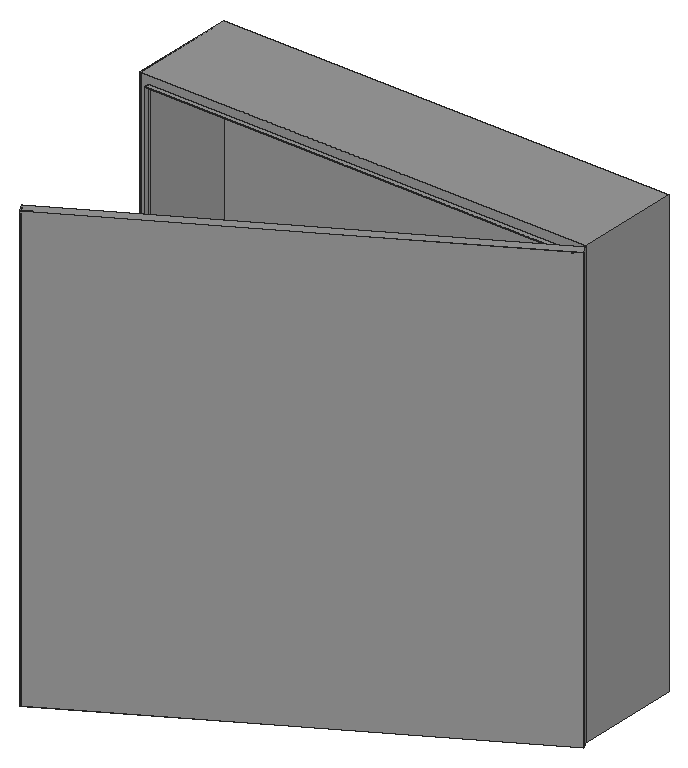
Revit family "Hager-Univers-IP44-D205-H800-Cl.I-Encl-NoHosted-SE-en", category Equipement électrique, Revit 2020
Family settings
  Configuration du panneau = Deux colonnes, circuits au sein
  Cote de connecteur circulaire = Utiliser le diamètre
  Type d'élément = Tableau de raccordement
  Basée sur le plan de construction = Oui
  Toujours verticalement = Oui
  Couper avec des vides une fois chargée = Non
  Partagée = Non
  Point de calcul de pièce = Non
Parameters (values of type "Surface mounted (plaster) IP44 W800 H800 D205  - FP53TN2")
  Width Control [instance] = if([EF000008 - Width] > Min Width, [EF000008 - Width], Min Width)  # 800 mm
  Commentaires du type = [HG000003 - Range]  # "Univers"
  Thickness Door [instance] = if([EF009171 - Material plate thickness door/cover] > 3 mm, 3 mm, [EF009171 - Material plate thickness door/cover])  # 1 mm
  Seal Frame Offset [instance] = 17 mm  # constant formula
  Plinth Visibility [instance] = [HG000027 - Plinth height] > 0 mm  # no
  Min Width [instance] = 100 mm  # constant formula
  Min Depth [instance] = (2 * [EF009170 - Material plate thickness cabinet]) + 1 mm  # 3 mm
  Min Height [instance] = 100 mm  # constant formula
  Internal Frame Depth [instance] = (Door System Depth * 0.5)  # 9 mm
  Panel Name [instance] = ""  # (empty or 0)
  Model = ""
  HG000027 - Plinth height = 0 mm
  HG000026 - Floor standing = no
  HG000024 - Bottom section height = 600 mm
  HG000023 - Double section enclosure = no
  HG000016 - Door 3d visibility [instance] = yes
  HG000015 - Clearance visibility [instance] = no
  HG000014 - Door on the right [instance] = yes
  HG000013 - Door on the left [instance] = not([HG000014 - Door on the right])  # no
  HG000012 - Door swing angle [instance] = 30.00°
  HG000010 - Asymmetric doors = no
  HG000009 - Double swing door = no
  HG000006 - Flush mounted = no
  HG000004 - Manufacturer reference = "FP53TN2"
  HG000003 - Range = "Univers"
  HG000002 - With door or cover = yes
  Frame Offset Bottom [instance] = 10 mm  # constant formula
  Frame Offset [instance] = 15 mm  # constant formula
  EF015940 - Cover with overpressure release = no
  EF011959 - Degree of protection (NEMA) = ""
  EF009554 - Number of openings for flange plates = 6
  EF009212 - Cover model = "EV000116 - Closed"
  EF009171 - Material plate thickness door/cover = 1 mm
  EF009170 - Material plate thickness cabinet = 1 mm
  EF008873 - Nominal current (In) = 250 A
  EF007800 - Suitable for lightning protection = no
  EF006306 - With lock = no
  EF006244 - Transparent cover/door = no
  EF005474 - Degree of protection (IP) = "EV006418 - IP44"
  EF004464 - Type of door = "EV002646 - Single"
  EF004427 - Number of modules = 180
  EF004293 - Impact strength = "EV006815 - IK09"
  EF003532 - Suitable for outdoor use = no
  EF002950 - Width in number of modular spacings = 36
  EF001613 - Circuit integrity = "EV000494 - None"
  EF001596 - Material housing = "EV000179 - Steel"
  EF001131 - Internal depth = 205 mm
  EF001088 - Extension possible = yes
  EF000437 - Number of conduit inlets = 6
  EF000339 - Type of cover = "EV001012 - Cover"
  EF000266 - Number of rows = 5
  EF000218 - Built-in depth = 205 mm
  EF000118 - With mounting plate = no
  EF000116 - RAL-number = "9010"
  EF000049 - Depth = 205 mm
  EF000040 - Height = 800 mm
  EF000008 - Width = 800 mm
  EF000007 - Colour = "EV000202 - White"
  EF000003 - Mounting method = "EV000384 - Surface mounted (plaster)"
  Door System Leaf Tolerance [instance] = 1.5 mm  # constant formula
  Door System Depth [instance] = 18 mm  # constant formula
  Door Height [instance] = Height Control - [HG000027 - Plinth height]  # 800 mm
  Description = ""
  Default Elevation = 1219.2 mm
  Connector Offset [instance] = Height Control / 2  # 400 mm
  Fabricant = "Hager"  # constant formula
  Height Control [instance] = if([EF000040 - Height] > Min Height, [EF000040 - Height], Min Height)  # 800 mm
  Depth Control [instance] = if([EF000049 - Depth] > Min Depth, [EF000049 - Depth], Min Depth)  # 205 mm
  Bottom Top Plate Trim [instance] = 1.5 mm  # constant formula
  Plinth height Ctrl [instance] = if([HG000027 - Plinth height] > 0 mm, [HG000027 - Plinth height], 12 mm)  # 12 mm
Types (5, lengths in mm): name | Width Control | HG000010 - Asymmetric doors | HG000009 - Double swing door | HG000004 - Manufacturer reference | EF009554 - Number of openings for flange plates | EF004464 - Type of door | EF004427 - Number of modules | EF002950 - Width in number of modular spacings | EF000437 - Number of conduit inlets | EF000008 - Width
  Surface mounted (plaster) IP44 W1050 H800 D205  - FP54TN2 | 1050 | no | yes | "FP54TN2" | 8 | "EV003602 - Double" | 240 | 48 | 8 | 1050
  Surface mounted (plaster) IP44 W1300 H800 D205  - FP55TN2 | 1300 | yes | yes | "FP55TN2" | 10 | "EV003602 - Double" | 300 | 60 | 10 | 1300
  Surface mounted (plaster) IP44 W300 H800 D205  - FP51TN2 | 300 | no | no | "FP51TN2" | 2 | "EV002646 - Single" | 60 | 12 | 2 | 300
  Surface mounted (plaster) IP44 W550 H800 D205  - FP52TN2 | 550 | no | no | "FP52TN2" | 4 | "EV002646 - Single" | 120 | 24 | 4 | 550
  Surface mounted (plaster) IP44 W800 H800 D205  - FP53TN2 | 800 | no | no | "FP53TN2" | 6 | "EV002646 - Single" | 180 | 36 | 6 | 800
Reference planes
  plane 1 "Center (Front/Back)": y = 0
  plane 2: z = 0
  plane 3 "Center (Left/Right)": x = 0
  plane 4: y = 0
  plane 5: y = 0
  plane 6: z = 0
  plane 7: x = -400
  plane 8: x = 400
  plane 9: x = 399
  plane 10: x = -399
  plane 11: z = 0
  plane 12: z = 1
  plane 13: y = -205
  plane 14: y = -1
  plane 15: x = 0
  plane 16: y = -187
  plane 17: y = -204
  plane 18: y = -186
  plane 19: x = -384
  plane 20: x = 384
  plane 21: z = 11
  plane 22: x = -383
  plane 23: x = 383
  plane 24: z = 0
  plane 25: z = 800
  plane 26: z = 800
  plane 27: z = 784
  plane 28: z = 799
Forms (mm)
  Extrusion 1, solid, material "Hager_Steel_RAL7035_Light_Grey", detail levels medium+fine
    sketch origin (-208.679, -4572, 0) x (-1, 0, 0) y (0, -1, 0)
      loop
        line (191.321, -4385) -> (-608.679, -4385) -> (-608.679, -4572) -> (191.321, -4572) -> (191.321, -4385)
    from 0 to 800
  Extrusion 2, void
    sketch origin (-350.771, -205, 1219.2) x (1, 0, 0) y (0, 0, 1)
      loop
        line (-48.229, -420.2) -> (-48.229, -1218.2) -> (749.771, -1218.2) -> (749.771, -420.2) -> (-48.229, -420.2)
    from -19 to -204
  Extrusion 3, void
    sketch origin (-290.084, -187, 1219.2) x (1, 0, 0) y (0, 0, 1)
      loop
        line (-93.916, -1208.2) -> (674.084, -1208.2) -> (674.084, -435.2) -> (-93.916, -435.2) -> (-93.916, -1208.2)
    from 0 to -1
  Extrusion 4, solid, material "Hager_Steel_RAL7035_Light_Grey", visible <- "Plinth Visibility", detail levels medium+fine
    sketch origin (0, 0, 0) x (1, 0, 0) y (0, 1, 0)
      loop
        line (-400, 0) -> (-400, -187) -> (400, -187) -> (400, 0) -> (-400, 0)
    from 0 to 12 <- "Plinth height Ctrl"
  Extrusion 5, solid, material "Hager_Steel_RAL7035_Light_Grey", detail levels coarse
    sketch origin (0, 0, 0) x (1, 0, 0) y (0, 1, 0)
      loop
        line (-400, 0) -> (-400, -205) -> (400, -205) -> (400, 0) -> (-400, 0)
    from 0 to 800 <- "Height Control"
  Sweep 6, void
    path in 3D
      loop
        line (-400, -187, 12) -> (400, -187, 12) -> (400, 0, 12) -> (-400, 0, 12) -> (-400, -187, 12)
    profile origin (-400, -93.5, 12) x (1, 0, 0) y (0, 0, 1)
      loop
        line (0, 0) -> (0, -1.5) -> (1.5, -1.5)
        arc (1.5, -1.5) -> (1.061, -0.439) -> (0, 0) r 1.5
  Extrusion 7, solid, material "Hager_Steel_RAL7035_Light_Grey", detail levels fine
    sketch origin (-400, -187, 0) x (1, 0, 0) y (0, 0, 1)
      loop
        line (16, 11) -> (784, 11) -> (784, 784) -> (16, 784) -> (16, 11)
      loop
        line (15, 10) -> (785, 10) -> (785, 785) -> (15, 785) -> (15, 10)
    from 0 to 9 <- "Internal Frame Depth"
Cuts and joins
  Extrusion 2, Extrusion 3 cuts Extrusion 1
  Sweep 6 cuts Extrusion 4
Lines and regions (mm)
  Masking region 1
    outline origin (0, 0, 0) x (1, 0, 0) y (0, 1, 0)
      loop
        line (-400, 0) -> (-400, -205) -> (400, -205) -> (400, 0) -> (-400, 0)
  Masking region 2, detail levels coarse
    outline origin (-290.084, -187, 1219.2) x (-1, 0, 0) y (0, 0, 1)
      loop
        line (-690.084, -1219.2) -> (109.916, -1219.2) -> (109.916, -419.2) -> (-690.084, -419.2) -> (-690.084, -1219.2)
  Masking region 3, detail levels coarse
    outline origin (0, 0, 0) x (0, 1, 0) y (0, 0, 1)
      loop
        line (0, 0) -> (0, 800) -> (-205, 800) -> (-205, 0) -> (0, 0)
  Masking region 4, visible <- "Plinth Visibility", detail levels medium+fine
    outline origin (0, 0, 0) x (0, 1, 0) y (0, 0, 1)
      loop
        line (-1.5, 12) -> (-185.5, 12)
        arc (-185.5, 12) -> (-185.939, 10.939) -> (-187, 10.5) r 1.5
        line (-187, 10.5) -> (-187, 0) -> (0, 0) -> (0, 10.5)
        arc (0, 10.5) -> (-1.061, 10.939) -> (-1.5, 12) r 1.5
  Masking region 5, detail levels medium+fine
    outline origin (0, 0, 594.038) x (0, 1, 0) y (0, 0, 1)
      loop
        line (0, -594.038) -> (0, 205.962) -> (-187, 205.962) -> (-187, -594.038) -> (0, -594.038)
  Masking region 6, detail levels medium+fine
    outline origin (-359.7, -187, 1211.883) x (-1, 0, 0) y (0, 0, 1)
      loop
        line (-759.7, -1211.883) -> (40.3, -1211.883) -> (40.3, -411.883) -> (-759.7, -411.883) -> (-759.7, -1211.883)
  Masking region 7, visible <- "Plinth Visibility", detail levels medium+fine
    outline origin (-320.334, -187, 1041.368) x (-1, 0, 0) y (0, 0, 1)
      loop
        line (-720.334, -1041.368) -> (79.666, -1041.368) -> (79.666, -1030.868)
        arc (79.666, -1030.868) -> (78.606, -1030.429) -> (78.166, -1029.368) r 1.5
        line (78.166, -1029.368) -> (-718.834, -1029.368)
        arc (-718.834, -1029.368) -> (-719.273, -1030.429) -> (-720.334, -1030.868) r 1.5
        line (-720.334, -1030.868) -> (-720.334, -1041.368)
  sketch lines
    curve 1: line (-400, 0, 12) -> (-400, -187, 12)
    curve 2: line (-400, -187, 12) -> (400, -187, 12)
    curve 3: line (400, 0, 12) -> (-400, 0, 12)
    curve 4: line (400, -187, 12) -> (400, 0, 12)
Dimensions and locks
  locked: plane 1 "Center (Front/Back)" to plane 5
  "EF009170 - Material plate thickness cabinet": plane 7 to plane 10
  "EF009170 - Material plate thickness cabinet": plane 8 to plane 9
  equal spacing: plane 7, plane 3 "Center (Left/Right)", plane 8
  "Width Control": plane 7 to plane 8
  "Depth Control": plane 4 to plane 13
  "EF009170 - Material plate thickness cabinet": plane 4 to plane 14
  "Height Control": plane 25 to level
  "HG000027 - Plinth height": plane 11 to level
  "EF009170 - Material plate thickness cabinet": plane 12 to plane 11
  "EF009170 - Material plate thickness cabinet": plane 17 to plane 13
  "EF009170 - Material plate thickness cabinet": plane 18 to plane 16
  "Frame Offset Bottom": plane 21 to plane 12
  "Frame Offset": plane 10 to plane 19
  "Frame Offset": plane 9 to plane 20
  "Door System Depth": plane 16 to plane 13
  "Seal Frame Offset": plane 7 to plane 22
  "Seal Frame Offset": plane 8 to plane 23
  "EF009170 - Material plate thickness cabinet": plane 26 to plane 28
  "Frame Offset": plane 28 to plane 27
  "Connector Offset": plane 2 to connector elem
  "Bottom Top Plate Trim": profile plane to Sweep 6 sketch curve
  "Bottom Top Plate Trim": Sweep 6 sketch curve to Sweep 6 sketch curve
  "Plinth height Ctrl": Masking region 4 sketch curve to level
  "Plinth height Ctrl": Masking region 7 sketch curve to level
  "Thickness Door": Extrusion 7 sketch curve to Extrusion 7 sketch curve  (x4)
  "Bottom Top Plate Trim": radius of Sweep 6 sketch curve
  "Bottom Top Plate Trim": radius of Masking region 4 sketch curve  (x2)
  "Bottom Top Plate Trim": radius of Masking region 7 sketch curve  (x2)
  aligned and locked: Extrusion 2 sketch curve to plane 12
  aligned and locked: Extrusion 2 sketch curve to plane 9
  aligned and locked: Extrusion 2 sketch curve to plane 10
  aligned and locked: Extrusion 2 to plane 14
  aligned and locked: Extrusion 1 sketch curve to plane 4
  aligned and locked: plane 8 to Extrusion 1 sketch curve
  aligned and locked: plane 7 to Extrusion 1 sketch curve
  aligned and locked: Extrusion 2 to plane 18
  aligned and locked: Extrusion 3 sketch curve to plane 19
  aligned and locked: plane 20 to Extrusion 3 sketch curve
  aligned and locked: Extrusion 3 to Extrusion 2
  aligned and locked: Extrusion 3 sketch curve to plane 21
  aligned and locked: plane 3 "Center (Left/Right)" to nested 1
  aligned and locked: Extrusion 1 sketch curve to plane 16
  aligned and locked: Extrusion 4 sketch curve to cut or joined group of Extrusion 1, Extrusion 2, Extrusion 3
  aligned and locked: Masking region 1 sketch curve to plane 7
  aligned and locked: Masking region 1 sketch curve to plane 5
  aligned and locked: Masking region 1 sketch curve to plane 8
  aligned and locked: Masking region 2 sketch curve to level
  aligned and locked: level to Masking region 3 sketch curve
  aligned and locked: plane 1 "Center (Front/Back)" to Masking region 3 sketch curve
  aligned and locked: plane 13 to Masking region 3 sketch curve
  aligned and locked: plane 5 to Masking region 4 sketch curve
  aligned and locked: Masking region 2 sketch curve to plane 8
  aligned and locked: Masking region 2 sketch curve to plane 7
  aligned and locked: plane 7 to nested 2
  aligned and locked: nested 2 to plane 5
  aligned and locked: plane 5 to Masking region 5 sketch curve
  aligned and locked: plane 26 to Masking region 5 sketch curve
  aligned and locked: Extrusion 5 sketch curve to plane 8
  aligned and locked: Extrusion 5 sketch curve to plane 7
  aligned and locked: Extrusion 5 sketch curve to plane 5
  aligned and locked: Extrusion 3 sketch curve to plane 27
  aligned and locked: Extrusion 2 sketch curve to plane 28
  aligned and locked: Masking region 2 to plane 25
  aligned and locked: Extrusion 4 to plane 16
  aligned and locked: profile plane to Sweep 6 sketch curve
  aligned and locked: Masking region 5 sketch curve to plane 24
  aligned and locked: level to Masking region 4 sketch curve
  aligned and locked: Masking region 1 to plane 13
  aligned and locked: nested 1 to plane 16
  aligned and locked: Masking region 3 to plane 25
  aligned and locked: plane 16 to Masking region 4 sketch curve
  aligned and locked: Masking region 5 sketch curve to plane 16
  aligned and locked: plane 24 to plane 11
  aligned and locked: plane 26 to plane 25
  aligned and locked: plane 26 to cut or joined group of Extrusion 1, Extrusion 2, Extrusion 3
  aligned and locked: nested 1 to plane 24
  aligned and locked: Extrusion 1 to Extrusion 3
  aligned and locked: Masking region 6 sketch curve to plane 8
  aligned and locked: Masking region 6 sketch curve to plane 24
  aligned and locked: Masking region 6 sketch curve to plane 7
  aligned and locked: Masking region 6 sketch curve to plane 26
  aligned and locked: Masking region 7 sketch curve to plane 7
  aligned and locked: level to Masking region 7 sketch curve
  aligned and locked: Masking region 7 sketch curve to plane 8
  aligned and locked: Extrusion 7 sketch curve to cut or joined group of Extrusion 1, Extrusion 2, Extrusion 3  (x4)
Automatic sketch dimensions
  plane 19 to Extrusion 3 sketch curve = 0 mm
  Extrusion 3 sketch curve to plane 20 = 0 mm
  Extrusion 3 sketch curve to plane 21 = 0 mm
  Extrusion 4 sketch curve to plane 7 = 0 mm
  Extrusion 4 sketch curve to plane 8 = 0 mm
  Extrusion 4 sketch curve to plane 16 = 0 mm
  Masking region 1 sketch curve to plane 13 = 0 mm
  Masking region 2 sketch curve to plane 25 = 0 mm
  Masking region 3 sketch curve to plane 25 = 0 mm
  Extrusion 5 sketch curve to plane 13 = 0 mm
  profile plane to Sweep 6 sketch curve = 0 mm
Nested families
  nested 1: "EC000058_Univers_Door" at (0, -187, 0), Double <- "HG000009 - Double swing door", Transparent <- "EF006244 - Transparent cover/door", Angle <- "HG000012 - Door swing angle", Door_Right <- "HG000014 - Door on the right", Assymetrical <- "HG000010 - Asymmetric doors", Door <- "HG000002 - With door or cover", Width_Ctrl <- "Width Control", 3d_Door <- "HG000016 - Door 3d visibility", Clearance <- "HG000015 - Clearance visibility", Door_Left <- "HG000013 - Door on the left", Width <- "Width Control", Door_Depth <- "Door System Depth", Leaf_Tolerance <- "Door System Leaf Tolerance", Height <- "Door Height", Lock_Visibility <- "EF006306 - With lock", Thickness <- "Thickness Door", type "EC000058_Univers_Door", detail levels medium+fine
    with min_wh 3 mm, Width_Ctrl 800 mm, Width 800 mm, Transparent no, Thickness 1 mm, Seal_Material Hager_Rubber, Lock_Visibility no, Lock_Material Hager_Plastic_RAL9005_Jet_Black, Leaf_Width 800 mm, Leaf_Tolerance_External_Sides 0 mm, Leaf_Tolerance 1.5 mm, Leaf_Offset 0 mm, Leaf_Height 797 mm, Leaf_2_Width 800 mm, Leaf_2_Offset 400 mm, Leaf_1_Width 800 mm, Leaf_1_Offset 400 mm, Height_Ctrl 800 mm, Height 800 mm, Glass_Material Hager_Glass, Double_Clearance_Ctrl no, Double no, Door_Right_Ctrl yes, Door_Right yes, Door_Material Hager_Steel_RAL7035_Light_Grey, Door_Left_Ctrl no, Door_Left no, Door_Depth 18 mm, Door yes, Clearance_Material Hager_Clearance, Clearance_Depth 800 mm, Clearance_Ctrl no, Clearance no, Assymetrical no, Angle 30.00°, 3d_Door yes
  nested 2: "Hager_Enclosure_Symbol" at (-400, 0, 0), Height <- "Depth Control", Width <- "Width Control", type "Hager_Enclosure_Symbol"
    with Width_Ctrl 800 mm, Width 800 mm, Height_Ctrl 205 mm, Height 205 mm, A_Width_Int 13.453 mm, A_Width 161.438 mm, A_Height_Ctrl 179.375 mm, A_Height 179.375 mm
Connectors
  electrical at (0, 0, 400)
    settings: on plane 1 "Center (Front/Back)", index 1, voltage 0 V, apparent load 0 VA, apparent load phase1 0 VA, apparent load phase2 0 VA, apparent load phase3 0 VA, power factor 1, load classification "Other", number of poles 1, system type 30, power factor state 1, is connector primary yes, connector utility no, sub classification motor no, connector description ""
Definition of nested family "EC000058_Univers_Door"
  Parameters (values of type "EC000058_Univers_Door")
    min_wh [instance] = (2 * Thickness) + 1 mm  # 11 mm
    Width_Ctrl [instance] = 400 mm
    Width [instance] = 500 mm
    Transparent [instance] = yes
    Thickness [instance] = 5 mm
    Seal_Material [instance] = none
    Lock_Visibility [instance] = yes
    Lock_Material [instance] = none
    Leaf_Width [instance] = if((Width_Ctrl - 2 * Leaf_Tolerance_External_Sides) > 0 mm, (Width_Ctrl - 2 * Leaf_Tolerance_External_Sides), min_wh)  # 400 mm
    Leaf_Tolerance_External_Sides [instance] = 0 mm  # constant formula
    Leaf_Tolerance [instance] = 1.5 mm
    Leaf_Offset [instance] = 0 mm  # constant formula
    Leaf_Height [instance] = if((Height_Ctrl - 2 * Leaf_Tolerance) > 0 mm, (Height_Ctrl - 2 * Leaf_Tolerance), min_wh)  # 497 mm
    Leaf_2_Width [instance] = if(and(and(Double, Assymetrical), Door_Left), (Leaf_Width / 3) - (Leaf_Tolerance / 2), if(and(and(Double, Assymetrical), Door_Right), (Leaf_Width / 3) * 2 - (Leaf_Tolerance / 2), if(and(Double, not(Assymetrical)), (Leaf_Width / 2) - Leaf_Tolerance, Leaf_Width)))  # 400 mm
    Leaf_2_Offset [instance] = if(and(Double, Assymetrical), Leaf_2_Width / 2, if(and(Double, not(Assymetrical)), Leaf_Width / 4, Leaf_Width / 2))  # 200 mm
    Leaf_1_Width [instance] = if(and(and(Double, Assymetrical), Door_Right), (Leaf_Width / 3) - (Leaf_Tolerance / 2), if(and(and(Double, Assymetrical), Door_Left), (Width / 3) * 2 - (Leaf_Tolerance / 2), if(and(Double, not(Assymetrical)), (Leaf_Width / 2) - Leaf_Tolerance, Leaf_Width)))  # 400 mm
    Leaf_1_Offset [instance] = if(and(Double, Assymetrical), Leaf_1_Width / 2, if(and(Double, not(Assymetrical)), Leaf_Width / 4, Leaf_Width / 2))  # 200 mm
    Height_Ctrl [instance] = if(Height > min_wh, Height, min_wh)  # 500 mm
    Height [instance] = 500 mm
    Glass_Material [instance] = none
    Double_Clearance_Ctrl [instance] = and(Double, Clearance)  # no
    Double [instance] = no
    Door_Right_Ctrl [instance] = and(or(Door_Right, Double), Door)  # yes
    Door_Right [instance] = yes
    Door_Material [instance] = none
    Door_Left_Ctrl [instance] = and(or(Door_Left, Double), Door)  # no
    Door_Left [instance] = no
    Door_Depth [instance] = 30 mm
    Door [instance] = yes
    Default Elevation = 1219.2 mm
    Clearance_Material [instance] = none
    Clearance_Depth [instance] = if(Leaf_1_Width > Leaf_2_Width, Leaf_1_Width, Leaf_2_Width)  # 400 mm
    Clearance_Ctrl [instance] = and(not(Double), Clearance)  # yes
    Clearance [instance] = yes
    Assymetrical [instance] = yes
    Angle [instance] = 30.00°
    3d_Door [instance] = yes
  Reference planes
    plane 1 "Center (Front/Back)": y = 0
    plane 2 "Bottom": z = 0
    plane 3 "Center (Left/Right)": x = 0
    plane 4: z = 500
    plane 5: x = -200
    plane 6: x = 200
    plane 7: z = 500
    plane 8: x = -200
    plane 9: z = 0
    plane 10: x = 200
    plane 11: y = 0
    plane 12: z = 1.5
    plane 13: x = -600
    plane 14: y = -400
    plane 15: x = 600
    plane 16: x = 0
    plane 17: x = 0
    plane 18: x = -200
    plane 19: x = 200
    plane 20: z = 498.5
  Forms (mm)
    Extrusion 1, solid, material <- "Clearance_Material", visible <- "Double_Clearance_Ctrl"
      sketch origin (1200, 0, 0) x (1, 0, 0) y (0, 0, -1)
        loop
          line (-1800, -498.5) -> (-600, -498.5) -> (-600, 0) -> (-1800, 0) -> (-1800, -498.5)
      from 0 to -400
  Dimensions and locks
    equal spacing: plane 5, plane 3 "Center (Left/Right)", plane 6
    "Width_Ctrl": plane 5 to plane 6
    "Leaf_Offset": plane 5 to plane 8
    "Leaf_Offset": plane 6 to plane 10
    "Leaf_Offset": plane 9 to level
    "Leaf_Offset": plane 4 to plane 7
    "Height_Ctrl": plane 4 to level
    "Leaf_Tolerance": plane 12 to plane 9
    locked: plane 11 to plane 1 "Center (Front/Back)"
    "Leaf_1_Offset": plane 18 to plane 16
    "Leaf_2_Offset": plane 17 to plane 19
    "Leaf_1_Width": plane 13 to plane 8
    "Leaf_2_Width": plane 10 to plane 15
    "Clearance_Depth": plane 14 to plane 1 "Center (Front/Back)"
    "Leaf_Tolerance_External_Sides": plane 8 to plane 18
    "Leaf_Tolerance_External_Sides": plane 19 to plane 10
    "Leaf_Tolerance": plane 7 to plane 20
    aligned and locked: level to plane 2 "Bottom"
    aligned and locked: nested 1 to plane 16
    aligned and locked: nested 2 to plane 17
    aligned and locked: Extrusion 1 to plane 13
    aligned and locked: plane 15 to Extrusion 1
    aligned and locked: Extrusion 1 to plane 14
    aligned and locked: plane 12 to nested 1
    aligned and locked: nested 2 to plane 12
    aligned and locked: Extrusion 1 to plane 11
    aligned and locked: plane 20 to Extrusion 1
    aligned and locked: nested 2 to plane 11
    aligned and locked: nested 1 to plane 11
  Automatic sketch dimensions
    Extrusion 1 sketch curve to level = 0 mm
    plane 5 to Extrusion 1 sketch curve = 400 mm
    plane 6 to Extrusion 1 sketch curve = 400 mm
    Extrusion 1 sketch curve to plane 4 = 1.5 mm
  Nested families
    nested 1: "EC000058_Univers_Door_Leaf" at (0, 0, 1.5), Width <- "Leaf_1_Width", visible <- "Door_Left_Ctrl", Leaf_Height <- "Leaf_Height", Angle <- "Angle", 3d_Door <- "3d_Door", Transparent <- "Transparent", Clearance Material <- "Clearance_Material", Clearance <- "Clearance_Ctrl", Door_Material <- "Door_Material", Glass_Material <- "Glass_Material", Door_Depth <- "Door_Depth", Lock_Material <- "Lock_Material", Seal_Material <- "Seal_Material", Lock_Visibility <- "Lock_Visibility", Thickness <- "Thickness", type "EC000058_Univers_Door_Leaf"
      with Width 400 mm, Transparent_Glass_Offset 30 mm, Transparent_Ctrl yes, Transparent yes, Thickness 5 mm, Standard no, Seal_Material none, Seal_D2 8 mm, Seal_D1 1 mm, Offset_Internal_Frame 10 mm, Lock_Width 20 mm, Lock_Visibility_3d yes, Lock_Visibility yes, Lock_Thickness_3 3 mm, Lock_Thickness_2 1 mm, Lock_Thickness_1 3 mm, Lock_Radius_Offset_2 16 mm, Lock_Radius_Offset_1 15 mm, Lock_Radius_2 5 mm, Lock_Radius 6 mm, Lock_Offset 5 mm, Lock_Material none, Lock_Height 80 mm, Lock_Cover_Top_Offset_2d 17 mm, Lock_Cover_Height -65 mm, Leaf_Height 497 mm, Internal_Seal_Thickness 8 mm, Internal_Seal_Depth_2 4.5 mm, Internal_Frame_Depth 25 mm, Glass_Thickness -1 mm, Glass_Offset -2 mm, Glass_Material none, Door_Material none, Door_Depth 30 mm, Clearance Material none, Clearance yes, Angle_Ctrl 30.00°, Angle 30.00°, 3d_Door yes
    nested 2: "EC000058_Univers_Door_Leaf" at (0, 0, 1.5) x (-1, 0, 0) z (0, 0, 1), Width <- "Leaf_2_Width", visible <- "Door_Right_Ctrl", Leaf_Height <- "Leaf_Height", Angle <- "Angle", 3d_Door <- "3d_Door", Transparent <- "Transparent", Clearance Material <- "Clearance_Material", Clearance <- "Clearance_Ctrl", Door_Material <- "Door_Material", Glass_Material <- "Glass_Material", Door_Depth <- "Door_Depth", Lock_Material <- "Lock_Material", Seal_Material <- "Seal_Material", Lock_Visibility <- "Lock_Visibility", Thickness <- "Thickness", type "EC000058_Univers_Door_Leaf"
      with Width 400 mm, Transparent_Glass_Offset 30 mm, Transparent_Ctrl yes, Transparent yes, Thickness 5 mm, Standard no, Seal_Material none, Seal_D2 8 mm, Seal_D1 1 mm, Offset_Internal_Frame 10 mm, Lock_Width 20 mm, Lock_Visibility_3d yes, Lock_Visibility yes, Lock_Thickness_3 3 mm, Lock_Thickness_2 1 mm, Lock_Thickness_1 3 mm, Lock_Radius_Offset_2 16 mm, Lock_Radius_Offset_1 15 mm, Lock_Radius_2 5 mm, Lock_Radius 6 mm, Lock_Offset 5 mm, Lock_Material none, Lock_Height 80 mm, Lock_Cover_Top_Offset_2d 17 mm, Lock_Cover_Height -65 mm, Leaf_Height 497 mm, Internal_Seal_Thickness 8 mm, Internal_Seal_Depth_2 4.5 mm, Internal_Frame_Depth 25 mm, Glass_Thickness -1 mm, Glass_Offset -2 mm, Glass_Material none, Door_Material none, Door_Depth 30 mm, Clearance Material none, Clearance yes, Angle_Ctrl 30.00°, Angle 30.00°, 3d_Door yes
  Definition of nested family "EC000058_Univers_Door_Leaf"
    Parameters (values of type "EC000058_Univers_Door_Leaf")
      Width [instance] = 2000 mm
      Transparent_Glass_Offset [instance] = 30 mm
      Transparent_Ctrl [instance] = and(Transparent, [3d_Door])  # yes
      Transparent [instance] = yes
      Thickness [instance] = 5 mm
      Standard [instance] = and(not(Transparent), [3d_Door])  # no
      Seal_Material [instance] = none
      Seal_D2 [instance] = 8 mm  # constant formula
      Seal_D1 [instance] = 1 mm  # constant formula
      Offset_Internal_Frame [instance] = 10 mm  # constant formula
      Lock_Width [instance] = 20 mm  # constant formula
      Lock_Visibility_3d [instance] = and(Lock_Visibility, [3d_Door])  # yes
      Lock_Visibility [instance] = yes
      Lock_Thickness_3 [instance] = 3 mm  # constant formula
      Lock_Thickness_2 [instance] = 1 mm  # constant formula
      Lock_Thickness_1 [instance] = 3 mm  # constant formula
      Lock_Radius_Offset_2 [instance] = Lock_Radius_Offset_1 + 1 mm  # 16 mm
      Lock_Radius_Offset_1 [instance] = 15 mm  # constant formula
      Lock_Radius_2 [instance] = Lock_Radius - 1 mm  # 5 mm
      Lock_Radius [instance] = 6 mm  # constant formula
      Lock_Offset [instance] = 5 mm  # constant formula
      Lock_Material [instance] = none
      Lock_Height [instance] = 80 mm  # constant formula
      Lock_Cover_Top_Offset_2d [instance] = Lock_Radius_Offset_2 + 1 mm  # 17 mm
      Lock_Cover_Height [instance] = -(Lock_Height - Lock_Radius_Offset_1)  # -65 mm
      Leaf_Height [instance] = 2720.336 mm
      Internal_Seal_Thickness [instance] = 8 mm  # constant formula
      Internal_Seal_Depth_2 [instance] = 4.5 mm  # constant formula
      Internal_Frame_Depth [instance] = if(Door_Depth - Thickness > 5 mm, Door_Depth - Thickness, 5 mm)  # 25 mm
      Glass_Thickness [instance] = if(Thickness > 15 mm, Glass_Offset + 10 mm, -1 mm)  # -1 mm
      Glass_Offset [instance] = if(Thickness > 15 mm, -(Thickness + 10 mm) / 2, -2 mm)  # -2 mm
      Glass_Material [instance] = none
      Door_Material [instance] = none
      Door_Depth [instance] = 30 mm
      Default Elevation = 0 mm
      Clearance Material [instance] = none
      Clearance [instance] = yes
      Angle_Ctrl [instance] = if(Angle > 180.00°, 180.00°, Angle)  # 90.00°
      Angle [instance] = 90.00°
      3d_Door [instance] = yes
    Reference planes
      plane 1 "Center (Front/Back)": y = 0
      plane 2: z = 0
      plane 3 "Center (Left/Right)": x = 0
      plane 4: y = 2000
      plane 5: x = -1000
      plane 6: x = 1000
      plane 7: x = -3000
      plane 8: z = 2720.336
      plane 9: z = 30
      plane 10: z = 2690.336
      plane 11: x = 970
      plane 12: x = -970
      plane 13: y = -3
      plane 14: z = 107.833
      plane 15: y = -5
      plane 16: y = -223.314
      plane 17: x = -1000
      plane 18: z = 1360.168
      plane 19: y = 30
    Forms (mm)
      Extrusion 1, solid, material <- "Clearance Material", visible <- "Clearance"
        sketch origin (0, 0, 0) x (1, 0, 0) y (0, 0, 1)
          loop
            line (-3000, 2720.336) -> (-3000, 0) -> (1000, 0) -> (1000, 2720.336) -> (-3000, 2720.336)
        from 0 to -2000
      Extrusion 2, solid, material <- "Door_Material", visible <- "Standard", detail levels medium+fine
        sketch origin (-1000, 0, 0) x (0, 1, 0) y (-1, 0, 0)
          loop
            line (0, 30) -> (0, 25) -> (2000, 25) -> (2000, 30) -> (0, 30)
        from 0 to 2720.336 <- "Leaf_Height"
      Extrusion 3, solid, material <- "Door_Material", visible <- "Transparent_Ctrl", detail levels medium+fine
        sketch origin (-1000, 0, 0) x (0, 1, 0) y (-1, 0, 0)
          loop
            line (0, 25) -> (2000, 25) -> (2000, 30) -> (0, 30) -> (0, 25)
        from 0 to 2720.336 <- "Leaf_Height"
      Extrusion 4, void
        sketch origin (-1025, 2000, 0) x (0, 1, 0) y (0, 0, -1)
          loop
            line (-30, -2690.336) -> (-30, -30) -> (-1970, -30) -> (-1970, -2690.336) -> (-30, -2690.336)
        from 0 to 5 <- "Thickness"
      Sweep 5, solid, material <- "Seal_Material", visible <- "Transparent_Ctrl", detail levels fine
        path in 3D
          loop
            line (-1025, 30, 30) -> (-1025, 30, 2690.336) -> (-1025, 1970, 2690.336) -> (-1025, 1970, 30) -> (-1025, 30, 30)
        profile origin (-1025, 1000, 30) x (1, 0, 0) y (0, 0, 1)
          loop
            line (0, 0) -> (0, -8) -> (1, -8) -> (1, 0) -> (0, 0)
      Extrusion 6, solid, material <- "Glass_Material", visible <- "Transparent_Ctrl", detail levels medium+fine
        sketch origin (-1030, 0, 0) x (0, 1, 0) y (0, 0, -1)
          loop
            line (1970, -2690.336) -> (1970, -30) -> (30, -30) -> (30, -2690.336) -> (1970, -2690.336)
        from -2 <- "Glass_Offset" to -1 <- "Glass_Thickness"
      Extrusion 7, solid, material <- "Door_Material", visible <- "3d_Door", detail levels medium+fine
        sketch origin (-1025, 2000, 0) x (0, -1, 0) y (0, 0, -1)
          loop
            line (0, -2720.336) -> (2000, -2720.336) -> (2000, 0) -> (0, 0) -> (0, -2720.336)
          loop
            line (1995, -5) -> (5, -5) -> (5, -2715.336) -> (1995, -2715.336) -> (1995, -5)
        from 0 to 25 <- "Internal_Frame_Depth"
      Sweep 8, solid, material <- "Seal_Material", visible <- "Transparent_Ctrl", detail levels fine
        path in 3D
          loop
            line (-1025, 0, 0) -> (-1025, 2000, 0) -> (-1025, 2000, 2720.336) -> (-1025, 0, 2720.336) -> (-1025, 0, 0)
        profile origin (-1025, 0, 1360.168) x (1, 0, 0) y (0, 1, 0)
          loop
            line (0, 10) -> (2.975, 10)
            arc (2.975, 10) -> (4.053, 10.447) -> (4.5, 11.525) r 1.525
            line (4.5, 11.525) -> (4.5, 16.527)
            arc (4.5, 16.527) -> (4.069, 17.569) -> (3.027, 18) r 1.473
            line (3.027, 18) -> (0, 18) -> (0, 10)
      Extrusion 9, solid, material <- "Lock_Material", visible <- "Lock_Visibility_3d", detail levels fine
        sketch origin (-1030, 0, 0) x (0, 1, 0) y (0, 0, -1)
          loop
            arc (1993.5, -1400.168) -> (1994.561, -1399.729) -> (1995, -1398.668) r 1.5
            line (1995, -1398.668) -> (1995, -1320.168) -> (1975, -1320.168) -> (1975, -1398.668)
            arc (1975, -1398.668) -> (1975.439, -1399.729) -> (1976.5, -1400.168) r 1.5
            line (1976.5, -1400.168) -> (1993.5, -1400.168)
        from 3 <- "Lock_Thickness_1" to 0
      Blend 10, solid, material <- "Lock_Material", visible <- "Lock_Visibility_3d", detail levels fine
        base sketch origin (-1033, 0, 0) x (0, 1, 0) y (0, 0, -1)
          loop
            line (1975, -1320.168) -> (1975, -1398.668)
            arc (1975, -1398.668) -> (1975.439, -1399.729) -> (1976.5, -1400.168) r 1.5
            line (1976.5, -1400.168) -> (1993.5, -1400.168)
            arc (1993.5, -1400.168) -> (1994.561, -1399.729) -> (1995, -1398.668) r 1.5
            line (1995, -1398.668) -> (1995, -1320.168) -> (1975, -1320.168)
        top sketch origin (-1033, 0, 0) x (0, 1, 0) y (0, 0, -1)
          loop
            line (1976, -1320.168) -> (1976, -1398.668)
            arc (1976, -1398.668) -> (1976.146, -1399.022) -> (1976.5, -1399.168) r 0.5
            line (1976.5, -1399.168) -> (1993.5, -1399.168)
            arc (1993.5, -1399.168) -> (1993.854, -1399.022) -> (1994, -1398.668) r 0.5
            line (1994, -1398.668) -> (1994, -1320.168) -> (1976, -1320.168)
        from 0 to 1 <- "Lock_Thickness_2"
      Blend 11, solid, material <- "Lock_Material", visible <- "Lock_Visibility_3d", detail levels fine
        base sketch origin (-1034, 0, 0) x (0, 1, 0) y (0, 0, -1)
          loop
            line (1978, -1320.168) -> (1978, -1384.168)
            arc (1978, -1384.168) -> (1985, -1391.168) -> (1992, -1384.168) r 7
            line (1992, -1384.168) -> (1992, -1320.168) -> (1978, -1320.168)
        top sketch origin (-1034, 0, 0) x (0, 1, 0) y (0, 0, -1)
          loop
            line (1991, -1320.168) -> (1979, -1320.168) -> (1979, -1383.168)
            arc (1979, -1383.168) -> (1985, -1389.168) -> (1991, -1383.168) r 6
            line (1991, -1383.168) -> (1991, -1320.168)
        from 0 to 3 <- "Lock_Thickness_3"
      Extrusion 12, solid, material <- "Lock_Material", visible <- "Lock_Visibility_3d", detail levels fine
        sketch origin (-1030, 1975, 1320.168) x (1, 0, 0) y (0, -1, 0)
          loop
            line (-7, -19) -> (-7, -1) -> (0, -1) -> (0, 0) -> (-8, 0) -> (-8, -20) -> (0, -20) -> (0, -19) -> (-7, -19)
        from 0 to -65 <- "Lock_Cover_Height"
      Extrusion 13, void
        sketch origin (-1038, 1995, 1320.168) x (-1, 0, 0) y (0, 0, -1)
          loop
            line (-5, -65) -> (0, -65) -> (-5, -60) -> (-5, -65)
        from 0 to 20 <- "Lock_Width"
      Extrusion 14, void
        sketch origin (-1038, 1975, 1320.168) x (0, -1, 0) y (0, 0, -1)
          loop
            circle (-10, -15.995) r 6
          loop
            circle (-10, -15.995) r 5
        from 0 to 2
      Extrusion 15, solid, material <- "Lock_Material", visible <- "Lock_Visibility_3d", detail levels medium
        sketch origin (-1030, 0, 0) x (0, 1, 0) y (0, 0, -1)
          loop
            arc (1993.5, -1400.168) -> (1994.561, -1399.729) -> (1995, -1398.668) r 1.5
            line (1995, -1398.668) -> (1995, -1320.168) -> (1975, -1320.168) -> (1975, -1398.668)
            arc (1975, -1398.668) -> (1975.439, -1399.729) -> (1976.5, -1400.168) r 1.5
            line (1976.5, -1400.168) -> (1993.5, -1400.168)
        from 8 to 0
    Cuts and joins
      Extrusion 4 cuts Extrusion 3
      Extrusion 13, Extrusion 14 cuts Extrusion 9
      Extrusion 14 cuts Blend 11
      Extrusion 13, Extrusion 14 cuts Extrusion 12
      joined: Extrusion 9, Blend 10, Blend 11, Extrusion 12
      Extrusion 14 cuts Extrusion 15
    Lines and regions (mm)
      Masking region 1, visible <- "Lock_Visibility", detail levels fine
        outline origin (0, 0, 0) x (0, 1, 0) y (0, 0, 1)
          loop
            line (30, 1320.168) -> (33, 1320.168) -> (33, 1400.168) -> (30, 1400.168) -> (30, 1320.168)
      Masking region 2, visible <- "Lock_Visibility", detail levels fine
        outline origin (0, 3.143, 0) x (0, 1, 0) y (0, 0, 1)
          loop
            line (29.857, 1354.168) -> (30.857, 1354.168) -> (30.857, 1366.168) -> (29.857, 1366.168) -> (29.857, 1354.168)
      Masking region 3, detail levels medium+fine
        outline origin (0, 0, 0) x (0, 1, 0) y (0, 0, 1)
          loop
            line (0, 0) -> (30, 0) -> (30, 2720.336) -> (0, 2720.336) -> (0, 0)
      Masking region 4, detail levels medium+fine
        outline origin (0, 0, 0) x (1, 0, 0) y (0, 0, 1)
          loop
            line (-1000, 2720.336) -> (-1000, 0) -> (1000, 0) -> (1000, 2720.336) -> (-1000, 2720.336)
      Masking region 5, visible <- "Lock_Visibility", detail levels fine
        outline origin (-47.116, 0, 0) x (1, 0, 0) y (0, 0, 1)
          loop
            arc (1024.616, 1399.168) -> (1023.556, 1398.729) -> (1023.116, 1397.668) r 1.5
            line (1023.116, 1397.668) -> (1023.116, 1320.168) -> (1041.116, 1320.168) -> (1041.116, 1397.668)
            arc (1041.116, 1397.668) -> (1040.677, 1398.729) -> (1039.616, 1399.168) r 1.5
            line (1039.616, 1399.168) -> (1024.616, 1399.168)
      Masking region 6, visible <- "Lock_Visibility", detail levels medium+fine
        outline origin (-25, 0, 0) x (1, 0, 0) y (0, 0, 1)
          loop
            arc (1001.5, 1400.168) -> (1000.439, 1399.729) -> (1000, 1398.668) r 1.5
            line (1000, 1398.668) -> (1000, 1320.168) -> (1020, 1320.168) -> (1020, 1398.668)
            arc (1020, 1398.668) -> (1019.561, 1399.729) -> (1018.5, 1400.168) r 1.5
            line (1018.5, 1400.168) -> (1001.5, 1400.168)
      Masking region 7, visible <- "Lock_Visibility", detail levels fine
        outline origin (-73.735, 0, 0) x (1, 0, 0) y (0, 0, 1)
          loop
            line (1051.735, 1382.168) -> (1065.735, 1382.168) -> (1065.735, 1384.168)
            arc (1065.735, 1384.168) -> (1058.735, 1391.168) -> (1051.735, 1384.168) r 7
            line (1051.735, 1384.168) -> (1051.735, 1382.168)
      Masking region 8, visible <- "Lock_Visibility", detail levels fine
        outline origin (-73.735, 0, 0) x (1, 0, 0) y (0, 0, 1)
          loop
            line (1052.735, 1382.168) -> (1064.735, 1382.168) -> (1064.735, 1383.168)
            arc (1064.735, 1383.168) -> (1058.735, 1389.168) -> (1052.735, 1383.168) r 6
            line (1052.735, 1383.168) -> (1052.735, 1382.168)
      Masking region 9, visible <- "Lock_Visibility", detail levels fine
        outline origin (-25, 0, 0) x (1, 0, 0) y (0, 0, 1)
          loop
            line (1020, 1320.168) -> (1020, 1382.168) -> (1000, 1382.168) -> (1000, 1320.168) -> (1020, 1320.168)
      Masking region 10, detail levels medium+fine
        outline origin (0, 0, 0) x (1, 0, 0) y (0, 0, 1)
          loop
            circle (985, 1335.144) r 6
      Masking region 11, detail levels fine
        outline origin (0, 0, 0) x (1, 0, 0) y (0, 0, 1)
          loop
            circle (985, 1335.144) r 5
      Masking region 12, visible <- "Lock_Visibility", detail levels fine
        outline origin (0, 12.767, 0) x (0, 1, 0) y (0, 0, 1)
          loop
            line (20.233, 1320.168) -> (21.233, 1320.168) -> (21.233, 1399.168) -> (20.233, 1400.168) -> (20.233, 1320.168)
      Masking region 13, visible <- "Lock_Visibility", detail levels fine
        outline origin (0, 13.767, -10) x (0, 1, 0) y (0, 0, 1)
          loop
            line (20.233, 1330.168) -> (23.233, 1330.168) -> (23.233, 1399.168) -> (20.233, 1402.168) -> (20.233, 1330.168)
      Masking region 14, visible <- "Lock_Visibility", detail levels fine
        outline origin (0, 12.767, -10) x (0, 1, 0) y (0, 0, 1)
          loop
            line (20.233, 1330.168) -> (25.233, 1330.168) -> (25.233, 1399.305) -> (20.233, 1394.305) -> (20.233, 1330.168)
      Masking region 15, visible <- "Lock_Visibility", detail levels medium
        outline origin (0, 0, 0) x (0, 1, 0) y (0, 0, 1)
          loop
            line (30, 1320.168) -> (38, 1320.168) -> (38, 1400.168) -> (30, 1400.168) -> (30, 1320.168)
      Masking region 16, visible <- "Lock_Visibility", detail levels fine
        outline origin (-1000, 0, 0) x (0, 1, 0) y (-1, 0, 0)
          loop
            line (1975, 30) -> (1995, 30) -> (1995, 38) -> (1975, 38) -> (1975, 30)
          loop
            line (1979, 37) -> (1976, 37) -> (1976, 34) -> (1978, 34) -> (1979, 37)
          loop
            line (1994, 37) -> (1991, 37) -> (1992, 34) -> (1994, 34) -> (1994, 37)
      Masking region 17, visible <- "Lock_Visibility", detail levels medium
        outline origin (-1000, 0, 0) x (0, 1, 0) y (-1, 0, 0)
          loop
            line (1975, 30) -> (1995, 30) -> (1995, 38) -> (1975, 38) -> (1975, 30)
      symbolic lines
        curve 1: line (1000, 0, 0) -> (-3000, 0, 0)
        curve 2: arc (1000, 0, 0) -> (-1000, 2000, 0) -> (-3000, 0, 0) r 2000
        curve 4: line (-1030, 0, 0) -> (-1030, 2000, 0)
      reference lines
        curve 3: line (-1000, 0, 0) -> (-1000, 2000, 0)
      symbolic lines, detail levels medium+fine
        curve 5: line (-1030, 2000, 0) -> (-1025, 2000, 0)
        curve 7: line (-1025, 0, 0) -> (-1030, 0, 0)
        curve 8: line (-1025, 0, 0) -> (-1000, 0, 0)
        curve 9: line (-1000, 0, 0) -> (-1000, 2000, 0)
        curve 10: line (-1000, 2000, 0) -> (-1025, 2000, 0)
      symbolic lines, detail levels fine
        curve 6: line (-1025, 2000, 0) -> (-1025, 0, 0)
      sketch lines
        curve 11: line (-1025, 0, 2720.336) -> (-1025, 0, 0)
        curve 12: line (-1025, 2000, 0) -> (-1025, 0, 0)
        curve 13: line (-1025, 2000, 2720.336) -> (-1025, 2000, 0)
        curve 14: line (-1025, 0, 2720.336) -> (-1025, 2000, 2720.336)
        curve 15: line (-1025, 1970, 30) -> (-1025, 30, 30)
        curve 16: line (-1025, 30, 30) -> (-1025, 30, 2690.336)
        curve 17: line (-1025, 1970, 2690.336) -> (-1025, 1970, 30)
        curve 18: line (-1025, 30, 2690.336) -> (-1025, 1970, 2690.336)
      symbolic lines, visible <- "Transparent", detail levels medium+fine
        curve 19: line (-970, 0, 2690.336) -> (970, 0, 2690.336)
        curve 20: line (-970, 0, 30) -> (-970, 0, 2690.336)
        curve 21: line (970, 0, 30) -> (-970, 0, 30)
        curve 22: line (970, 0, 2690.336) -> (970, 0, 30)
    Dimensions and locks
      "Width": plane 1 "Center (Front/Back)" to plane 4
      equal spacing: plane 5, plane 3 "Center (Left/Right)", plane 6
      "Width": plane 5 to plane 6
      "Width": plane 7 to plane 5
      "Leaf_Height": plane 8 to level
      "Width": curve 5 to curve 3
      "Width": curve 3 to curve 3
      plane 8 to plane 10 = 30 mm
      plane 9 to level = 30 mm
      plane 12 to plane 5 = 30 mm
      plane 6 to plane 11 = 30 mm
      Extrusion 1 to Extrusion 4 sketch curve = 30 mm
      "Transparent_Glass_Offset": curve 3 to Extrusion 4 sketch curve
      "Transparent_Glass_Offset": Extrusion 4 sketch curve to cut or joined group of Extrusion 3, Extrusion 4  (x2)
      cut or joined group of Extrusion 3, Extrusion 4 to Extrusion 6 sketch curve = 30 mm
      "Transparent_Glass_Offset": cut or joined group of Extrusion 3, Extrusion 4 to Extrusion 4 sketch curve
      "Thickness": curve 6 to curve 4
      "Thickness": Extrusion 7 sketch curve to Extrusion 7 sketch curve  (x4)
      "Door_Depth": curve 4 to curve 3
      "Offset_Internal_Frame": profile plane to Sweep 8 sketch curve
      "Internal_Seal_Thickness": Sweep 8 sketch curve to Sweep 8 sketch curve
      "Internal_Seal_Depth_2": profile plane to Sweep 8 sketch curve
      "Seal_D1": profile plane to Sweep 5 sketch curve
      "Seal_D2": profile plane to Sweep 5 sketch curve
      "Thickness": Extrusion 2 sketch curve to Extrusion 2 sketch curve
      equal spacing: Extrusion 9 sketch curve, plane 18, Extrusion 9 sketch curve  (x2)
      equal spacing: Masking region 1 sketch curve, plane 18, Masking region 1 sketch curve
      "Lock_Height": Masking region 1 sketch curve to Masking region 1 sketch curve
      "Lock_Radius": Masking region 2 sketch curve to plane 18 to Masking region 2 sketch curve
      Masking region 2 sketch curve to Masking region 1 = 1 mm
      "Door_Depth": plane 19 to plane 1 "Center (Front/Back)"
      "Lock_Thickness_1": Masking region 1 sketch curve to plane 19
      "Lock_Width": Extrusion 9 sketch curve to Extrusion 9 sketch curve
      "Lock_Height": Extrusion 9 sketch curve to Extrusion 9 sketch curve
      "Lock_Offset": cut or joined group of Extrusion 3, Extrusion 4 to Extrusion 9 sketch curve
      equal spacing: plane 8, plane 18, level
      "Lock_Radius_Offset_1": Blend 11 sketch curve to Blend 10
      locked: Blend 10 to Blend 11 sketch curve at 2  (x2)
      locked: var sketch to Blend 11 sketch curve at 1  (x2)
      "Lock_Radius_Offset_2": Blend 11 sketch curve to Blend 10
      locked: Extrusion 12 sketch curve to Extrusion 12 sketch curve at 1  (x3)
      Masking region 6 sketch curve to Masking region 6 sketch curve = 80 mm
      "Lock_Height": Masking region 6 sketch curve to Masking region 6 sketch curve
      "Lock_Width": Masking region 6 sketch curve to Masking region 6 sketch curve
      locked: Masking region 6 to Masking region 5 sketch curve at 1  (x3)
      locked: Masking region 5 to Masking region 7 sketch curve at 2  (x2)
      "Lock_Radius_Offset_1": Masking region 5 to Masking region 7 sketch curve
      "Lock_Radius_Offset_2": Masking region 5 to Masking region 8 sketch curve
      locked: Masking region 7 to Masking region 8 sketch curve at 1  (x2)
      "Lock_Cover_Top_Offset_2d": Masking region 5 to Masking region 9 sketch curve
      equal spacing: Masking region 9, Masking region 10 sketch curve, Masking region 9
      equal spacing: Masking region 9, Masking region 11 sketch curve, Masking region 9
      Extrusion 15 sketch curve to Extrusion 15 sketch curve = 80 mm
      "Lock_Width": Extrusion 15 sketch curve to Extrusion 15 sketch curve
      "Lock_Height": Extrusion 15 sketch curve to Extrusion 15 sketch curve
      equal spacing: Extrusion 15 sketch curve, plane 18, Extrusion 15 sketch curve
      "Lock_Thickness_3": Masking region 13 sketch curve to Masking region 13 sketch curve
      "Lock_Height": Masking region 12 sketch curve to Masking region 12 sketch curve
      locked: Masking region 13 sketch curve to Masking region 1 at 8
      locked: Masking region 14 sketch curve to Masking region 13 at 1
      locked: Masking region 14 sketch curve to Masking region 1 at 10.863
      "Lock_Height": Masking region 15 sketch curve to Masking region 15 sketch curve
      "Lock_Offset": Extrusion 15 sketch curve to cut or joined group of Extrusion 3, Extrusion 4
      "Lock_Offset": plane 6 to Masking region 6 sketch curve
      radius of Sweep 8 sketch curve = 1.525 mm
      radius of Sweep 8 sketch curve = 1.473 mm
      radius of Extrusion 9 sketch curve = 1.5 mm  (x2)
      "Lock_Radius": radius of Extrusion 14 sketch curve
      "Lock_Radius_2": radius of Extrusion 14 sketch curve
      "Lock_Radius": radius of Masking region 10 sketch curve
      "Lock_Radius_2": radius of Masking region 11 sketch curve
      radius of Extrusion 15 sketch curve = 1.5 mm  (x2)
      "Angle_Ctrl": angle plane 1 "Center (Front/Back)" to curve 3
      locked: Masking region 12 sketch curve to Masking region 12 sketch curve (angle 45.00°)
      locked: Masking region 13 sketch curve to Masking region 13 sketch curve (angle 45.00°)
      locked: Masking region 14 sketch curve to Masking region 14 sketch curve (angle 45.00°)
      aligned and locked: level to plane 2
      aligned and locked: Extrusion 1 to curve 1
      aligned and locked: plane 6 to Extrusion 1
      aligned and locked: Extrusion 1 to plane 1 "Center (Front/Back)"
      aligned and locked: plane 4 to Extrusion 1
      aligned and locked: plane 8 to Extrusion 1
      aligned and locked: curve 7 to Extrusion 2 sketch curve
      aligned and locked: curve 5 to Extrusion 2 sketch curve
      aligned and locked: curve 7 to Extrusion 3 sketch curve
      aligned and locked: Extrusion 3 sketch curve to curve 4
      aligned and locked: Extrusion 3 sketch curve to curve 6
      aligned and locked: Extrusion 3 sketch curve to curve 5
      aligned and locked: curve 9 to curve 3
      aligned and locked: Extrusion 7 sketch curve to cut or joined group of Extrusion 3, Extrusion 4  (x4)
      aligned and locked: plane 17 to curve 3
      aligned and locked: plane 1 "Center (Front/Back)" to curve 3
      aligned and locked: plane 17 to plane 5
      aligned and locked: Sweep 8 sketch curve to profile plane
      aligned and locked: Sweep 5 sketch curve to profile plane  (x2)
      aligned and locked: Masking region 1 to Masking region 2 sketch curve
      aligned and locked: plane 19 to Masking region 1 sketch curve
      aligned and locked: plane 1 "Center (Front/Back)" to Masking region 3 sketch curve
      aligned and locked: plane 19 to Masking region 3 sketch curve
      aligned and locked: level to Masking region 3 sketch curve
      aligned and locked: Masking region 3 sketch curve to plane 8
      aligned and locked: plane 17 to Masking region 4 sketch curve
      aligned and locked: level to Masking region 4 sketch curve
      aligned and locked: Masking region 4 sketch curve to plane 8
      aligned and locked: plane 12 to curve 20
      aligned and locked: plane 10 to curve 19
      aligned and locked: plane 11 to curve 22
      aligned and locked: curve 21 to plane 9
      aligned and locked: Extrusion 2 sketch curve to cut or joined group of Extrusion 3, Extrusion 4
      aligned and locked: Blend 10 sketch curve to Extrusion 9  (x4)
      aligned and locked: Extrusion 9 to Blend 10 sketch curve
      aligned and locked: Blend 10 to Blend 11 sketch curve
      aligned and locked: Extrusion 12 sketch curve to Blend 11
      aligned and locked: Extrusion 12 sketch curve to Extrusion 9  (x4)
      aligned and locked: Masking region 5 sketch curve to Masking region 6
      aligned and locked: Masking region 9 sketch curve to Masking region 6  (x3)
      aligned and locked: Masking region 12 sketch curve to Masking region 1
      aligned and locked: Masking region 13 sketch curve to Masking region 1
      aligned and locked: Masking region 12 to Masking region 14
      aligned and locked: Masking region 14 sketch curve to Masking region 1
      aligned and locked: Masking region 15 sketch curve to Masking region 14
      aligned and locked: Masking region 13 sketch curve to Masking region 12
      aligned and locked: Masking region 16 sketch curve to cut or joined group of Extrusion 14, Extrusion 15  (x4)
      aligned and locked: Masking region 16 sketch curve to cut or joined group of Extrusion 9, Blend 10, Blend 11, Extrusion 12, Extrusion 13, Extrusion 14  (x6)
      aligned and locked: cut or joined group of Extrusion 9, Blend 10, Blend 11, Extrusion 12, Extrusion 13, Extrusion 14 to Masking region 16 sketch curve
      aligned and locked: Masking region 17 sketch curve to cut or joined group of Extrusion 14, Extrusion 15  (x3)
      aligned and locked: Masking region 17 sketch curve to cut or joined group of Extrusion 9, Blend 10, Blend 11, Extrusion 12, Extrusion 13, Extrusion 14
      aligned and locked: Masking region 9 to Masking region 8 sketch curve
      aligned and locked: Masking region 9 to Masking region 7 sketch curve
    Automatic sketch dimensions
      plane 1 "Center (Front/Back)" to curve 2 = 0 mm
      curve 2 to plane 5 = 0 mm
      Extrusion 1 sketch curve to level = 0 mm
      Extrusion 1 sketch curve to plane 7 = 0 mm
      Extrusion 1 sketch curve to plane 6 = 0 mm
      Extrusion 1 sketch curve to plane 8 = 0 mm
      Extrusion 3 to Extrusion 6 sketch curve = 30 mm  (x4)
      Masking region 4 sketch curve to plane 6 = 0 mm
      Blend 10 sketch curve to Extrusion 9 = 1.5 mm
      Blend 10 sketch curve to Extrusion 9 = 1 mm
      Extrusion 13 sketch curve to Extrusion 12 = 0 mm  (x2)
      Extrusion 12 to Extrusion 13 sketch curve = 3 mm
      Extrusion 13 sketch curve to Extrusion 12 = 5 mm
      Extrusion 14 sketch curve to Extrusion 14 sketch curve = 0 mm  (x2)
      Extrusion 14 sketch curve to Extrusion 12 = 10 mm
      Extrusion 14 sketch curve to Extrusion 12 = 15.995 mm
      Masking region 5 sketch curve to Masking region 5 sketch curve = 1.5 mm  (x2)
      Masking region 10 sketch curve to plane 18 = 25.024 mm
      Masking region 11 sketch curve to plane 18 = 25.024 mm
      plane 19 to Masking region 14 sketch curve = 3 mm
      Masking region 16 sketch curve to Masking region 16 sketch curve = 3 mm
      curve 4 to curve 3 = 0 mm
      Blend 10 to Blend 11 sketch curve = 0 mm
      Masking region 6 sketch curve to Masking region 6 sketch curve = 1.5 mm  (x2)
      Masking region 6 sketch curve to plane 18 = 40 mm
      plane 19 to Masking region 12 sketch curve = 3 mm
      Masking region 12 sketch curve to Masking region 12 sketch curve = 1 mm
      Masking region 15 sketch curve to plane 19 = 0 mm
      Masking region 15 sketch curve to plane 18 = 40 mm
      radius of Blend 10 sketch curve to Extrusion 9 = 1 mm
Definition of nested family "Hager_Enclosure_Symbol"
  Parameters (values of type "Hager_Enclosure_Symbol")
    Width_Ctrl [instance] = if(Width > 1 mm, Width, 1 mm)  # 102.27 mm
    Width [instance] = 102.27 mm
    Height_Ctrl [instance] = if(Height > 1 mm, Height, 1 mm)  # 66.5 mm
    A_Width_Int [instance] = if(A_Width / 12 > 2 mm, A_Width / 12, 2 mm)  # 4.364 mm
    A_Width [instance] = if(A_Height_Ctrl * 0.9 > 2 mm, A_Height_Ctrl * 0.9, 2 mm)  # 52.369 mm
    A_Height_Ctrl [instance] = if(A_Height > 2 mm, A_Height, 2 mm)  # 58.188 mm
    Height [instance] = 66.5 mm
    A_Height [instance] = Height - (Height / 8)  # 58.188 mm
  Reference planes
    plane 1 "Centre (avant/arrière)": y = 0
    plane 2: z = 0
    plane 3 "Centre (gauche/droite)": x = 0
    plane 4: x = 52.369
    plane 5: y = 33.042
    plane 6: y = 41.77
    plane 7: y = 66.5
    plane 8: x = 26.184
    plane 9: y = 37.406
    plane 10: x = 102.27
    plane 11: y = 66.5
    plane 12: y = 8.313
  Lines and regions (mm)
    Filled region 1, type "Solid_Black", in view "Niveau de réf."
      outline origin (0, 0, 0) x (1, 0, 0) y (0, 1, 0)
        loop
          line (52.369, 66.5) -> (33.188, 54.536) -> (45.365, 45.006) -> (52.369, 66.5)
    Filled region 2, type "Solid_Black", in view "Niveau de réf."
      outline origin (0, 0, 0) x (1, 0, 0) y (0, 1, 0)
        loop
          line (0, 0) -> (102.27, 0) -> (102.27, 66.5) -> (0, 0)
    detail lines, in view "Niveau de réf."
      curve 1: line (0, 8.313, 0) -> (26.184, 41.77, 0)
      curve 2: line (26.184, 41.77, 0) -> (26.184, 33.042, 0)
      curve 3: line (26.184, 33.042, 0) -> (52.369, 66.5, 0)
  Dimensions and locks
    "A_Width": plane 3 "Centre (gauche/droite)" to plane 4
    equal spacing: plane 3 "Centre (gauche/droite)", plane 8, plane 4
    equal spacing: plane 6, plane 9, plane 5
    equal spacing: curve 3, Filled region 1 sketch curve, Filled region 1 sketch curve
    "Height_Ctrl": plane 1 "Centre (avant/arrière)" to plane 11
    "A_Height_Ctrl": plane 11 to plane 12
    equal spacing: plane 11, plane 9, plane 12
    "A_Width_Int": plane 6 to plane 9
    "Width_Ctrl": plane 3 "Centre (gauche/droite)" to plane 10
    angle Filled region 1 sketch curve to curve 3 = 20.00°
    angle curve 3 to Filled region 1 sketch curve = 20.00°
    locked: curve 3 to Filled region 1 sketch curve (angle 90.00°)
    aligned and locked: plane 10 to Filled region 2
    aligned and locked: plane 11 to Filled region 2 sketch curve
    aligned and locked: plane 10 to Filled region 2 sketch curve
    aligned and locked: plane 3 "Centre (gauche/droite)" to curve 1
    aligned and locked: plane 12 to curve 1
    aligned and locked: plane 7 to plane 11
  Automatic sketch dimensions
    Filled region 1 sketch curve to plane 4 = 0 mm
    Filled region 1 sketch curve to plane 7 = 0 mm
    plane 1 "Centre (avant/arrière)" to Filled region 2 sketch curve = 0 mm
    Filled region 2 sketch curve to plane 3 "Centre (gauche/droite)" = 0 mm
    curve 2 to plane 6 = 0 mm
    curve 2 to plane 8 = 0 mm
    curve 3 to plane 4 = 0 mm
    curve 2 to plane 5 = 0 mm
    curve 3 to plane 7 = 0 mm
